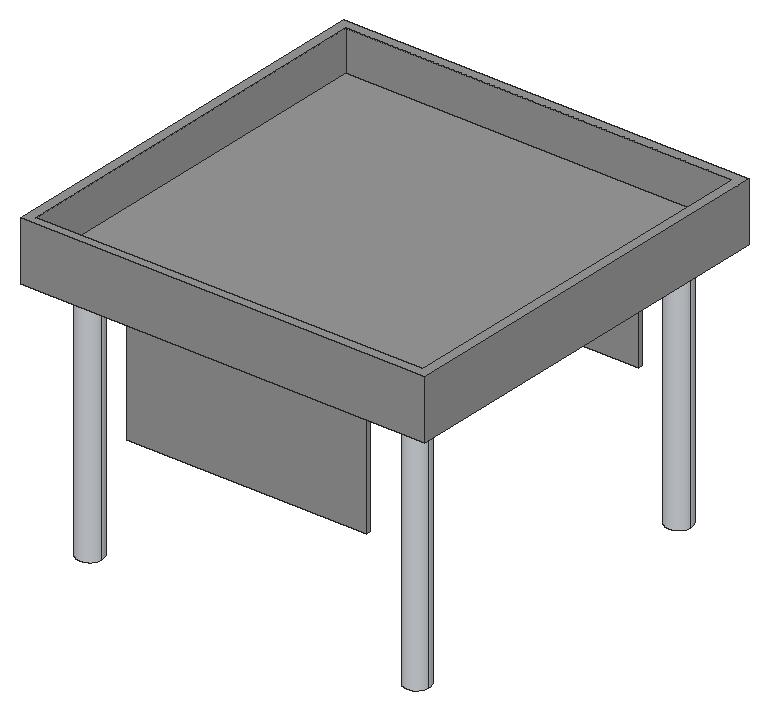
Revit family "Nivellierbare Kassette für Revisionsöffnung, RKN", category Generic Models, Revit 2015
Parameters (values of type "RKN2 4 MS 20")
  Width = 199 mm
  URL = "http://www.obo-bettermann.com"
  Material = Brass, Soft Yellow, Welded
  Manufacturer Art.No. = "7409002"
  Manufacturer = "OBO Bettermann"
  Length = 199 mm
  HeightCalc = if(Height < 100 mm, 100 mm, (if(Height > 150 mm, 150 mm, Height)))  # 150 mm
  Height 1 = 29 mm
  Height = 150 mm
  GTIN = "4012195867340"
  Cut depth = 20 mm
  Article Type = "RKN2 4 MS 20"
Types (3, lengths in mm): name | Material | Manufacturer Art.No. | GTIN | Article Type
  (no name) | Brass, Soft Yellow, Welded | "7409002" | "4012195867340" | "RKN2 4 MS 20"
  RKN2 4 VS 20 | Stainless Steel, Polished | "7409014" | "4012195867531" | "RKN2 4 VS 20"
  RKN2 4 MS 20 | Brass, Soft Yellow, Welded | "7409002" | "4012195867340" | "RKN2 4 MS 20"
Reference planes
  plane 1 "Center (Front/Back)": y = 0
  plane 2: z = 0
  plane 3 "Center (Left/Right)": x = 0
  plane 4: z = 121
  plane 5: y = 99.5
  plane 6: y = -99.5
  plane 7: z = 150
  plane 8: z = 60
  plane 9: z = 130
Forms (mm)
  Extrusion 1, solid
    sketch origin (0, 0, 0) x (1, 0, 0) y (0, 1, 0)
      loop
        circle (-80.5, -80.5) r 6
      loop
        circle (-80.5, 80.5) r 6
      loop
        circle (80.5, 80.5) r 6
      loop
        circle (80.5, -80.5) r 6
    from 0 to 121
  Extrusion 2, solid, material "Brass, Soft Yellow, Welded" <- "Material"
    sketch origin (0, 0, 0) x (1, 0, 0) y (0, 0, 1)
      loop
        line (-99.5, 150) -> (-99.5, 121) -> (99.5, 121) -> (99.5, 150) -> (-99.5, 150)
    from -99.5 to 99.5
  Extrusion 3, solid, material "Brass, Soft Yellow, Welded" <- "Material"
    sketch origin (0, 0, 0) x (1, 0, 0) y (0, 1, 0)
      loop
        line (-59, 84.5) -> (-59, 82.5) -> (59, 82.5) -> (59, 84.5) -> (-59, 84.5)
      loop
        line (-59, -82.5) -> (-59, -84.5) -> (59, -84.5) -> (59, -82.5) -> (-59, -82.5)
    from 60 to 121
  Extrusion 4, void
    sketch origin (0, 0, 0) x (1, 0, 0) y (0, 1, 0)
      loop
        line (-95.3, 95.3) -> (-95.3, -95.3) -> (95.3, -95.3) -> (95.3, 95.3) -> (-95.3, 95.3)
    from 130 to 150
Cuts and joins
  Extrusion 4 cuts Extrusion 1
  Extrusion 4 cuts Extrusion 2
  Extrusion 4 cuts Extrusion 3
Dimensions and locks
  locked: Extrusion 1 sketch curve to plane 1 "Center (Front/Back)" at 74.5  (x2)
  locked: Extrusion 1 sketch curve to plane 3 "Center (Left/Right)" at 80.5  (x2)
  locked: plane 1 "Center (Front/Back)" to Extrusion 1 sketch curve at 74.5  (x2)
  locked: plane 3 "Center (Left/Right)" to Extrusion 1 sketch curve at 80.5  (x2)
  "Width": Extrusion 2 sketch curve to Extrusion 2 sketch curve
  locked: plane 3 "Center (Left/Right)" to Extrusion 2 sketch curve at 99.5
  locked: Extrusion 2 sketch curve to Extrusion 2 sketch curve at 29
  "HeightCalc": plane 7 to level
  "Height 1": plane 7 to plane 4
  locked: Extrusion 3 sketch curve to Extrusion 3 sketch curve at 118  (x2)
  equal spacing: Extrusion 3 sketch curve, plane 3 "Center (Left/Right)", Extrusion 3 sketch curve, locked at 59 each  (x2)
  locked: Extrusion 3 sketch curve to Extrusion 2 at 15  (x2)
  locked: Extrusion 3 sketch curve to Extrusion 3 sketch curve at 2  (x2)
  locked: plane 4 to plane 8 at 61
  locked: Extrusion 4 sketch curve to Extrusion 4 sketch curve at 190.6  (x2)
  equal spacing: Extrusion 4 sketch curve, plane 3 "Center (Left/Right)", Extrusion 4 sketch curve, locked at 95.3 each
  equal spacing: Extrusion 4 sketch curve, plane 1 "Center (Front/Back)", Extrusion 4 sketch curve, locked at 95.3 each
  "Cut depth": plane 7 to plane 9
  "Length": plane 5 to plane 6
  equal spacing: plane 5, plane 1 "Center (Front/Back)", plane 6, locked at 99.5 each
  diameter of Extrusion 1 sketch curve = 12 mm  (x3)
  aligned and locked: level to plane 2
  aligned and locked: plane 4 to Extrusion 1
  aligned and locked: plane 4 to Extrusion 2 sketch curve
  aligned and locked: plane 6 to Extrusion 2
  aligned and locked: Extrusion 2 to plane 5
  aligned and locked: plane 7 to Extrusion 2
  aligned and locked: Extrusion 1 to Extrusion 3
  aligned and locked: Extrusion 3 to plane 8
  aligned and locked: cut or joined group of Extrusion 2, Extrusion 4 to Extrusion 4
  aligned and locked: Extrusion 4 to plane 9
Automatic sketch dimensions
  Extrusion 1 sketch curve to plane 6 = 19 mm
